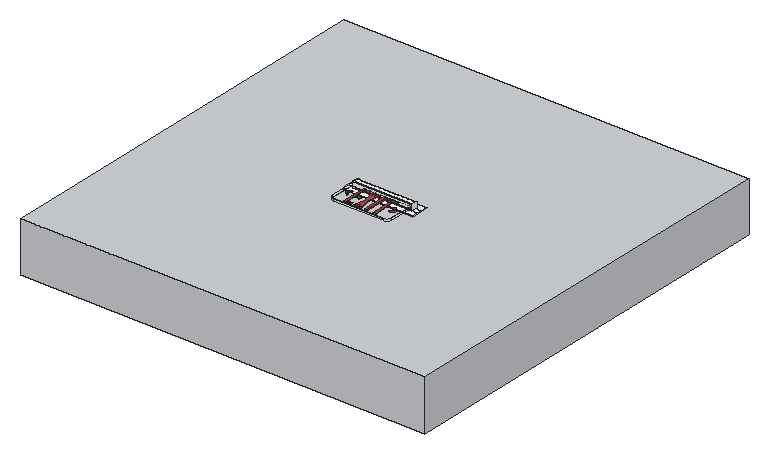
Revit family "LE_W", category Lighting Fixtures, host Face, Revit 2021
Family settings
  Host = Face
  Round Connector Dimension = Use Diameter
  Part Type = Normal
  OmniClass Number = 23.80.70.11.21
  OmniClass Title = Emergency Lighting
  Cut with Voids When Loaded = No
  Light Source = Yes
  Shared = No
  Room Calculation Point = No
Parameters (values of type "LE-W")
  Wattage Comments = "2.2-5 W"
  Wattage = 5 W
  built-in parameter 1150110 = 1 (stored number, unit not read)
  URL = "https://www.currentlighting.com/lifeshield"
  built-in parameter 1114217 = 1 (stored number, unit not read)
  built-in parameter 1150109 = 1 (stored number, unit not read)
  built-in parameter 1150134 = 3
  built-in parameter 1150113 = 1 (stored number, unit not read)
  Product Page URL = ""
  Product Documentation Link = ""
  Mounting = "Wall Mount"  # constant formula
  Model = "LE"  # constant formula
  Manufacturer Phone = ""
  Manufacturer Fax = ""
  Manufacturer = "Lifeshield"  # constant formula
  built-in parameter 1150105 = 59.103 (stored number, unit not read)
  Lumens = 742.71 lm
  built-in parameter 1150115 = 1 (stored number, unit not read)
  Light Source Symbol Size = 0.250"
  built-in parameter 1150137 = (empty or 0)
  built-in parameter 1150139 = (empty or 0)
  Lettering = Red
  built-in parameter 1150112 = 1 (stored number, unit not read)
  built-in parameter 1150114 = 1 (stored number, unit not read)
  Lamp = "LED"  # constant formula
  built-in parameter 1150132 = (empty or 0)
  built-in parameter 1150102 = (empty or 0)
  built-in parameter 1150107 = 3200 (stored number, unit not read)
  built-in parameter 1150138 = (empty or 0)
  built-in parameter 1150106 = 0.59103 (stored number, unit not read)
  Glass = Glass
  Family = "Outdoor Emergency Lighting"  # constant formula
  Emit from Line Length = 13.000"
  built-in parameter 1150104 = 13.8 (stored number, unit not read)
  Dimming Lamp Color Temperature Shift = <None>
  Description = "Recessed Mounting Architectural Edge-Lit LED Exit Signs"  # constant formula
  Default Elevation = 48.000"
  Color Filter = 16777215
  built-in parameter 1114218 = 1 (stored number, unit not read)
  Backbox = White
  built-in parameter 1150133 = 10 (stored number, unit not read)
Reference planes (in)
  plane 1 "Center (Front/Back)": y = 0.03999
  plane 2: z = 0.06357
  plane 3 "Center (Left/Right)": x = 0
  plane 4: through (0, 4.17275, 0.82335) normal (0, -0.4384, 0.8988)
  plane 5: x = -8.375
  plane 6: y = 2.03999
  plane 7: x = 8.375
  plane 8: y = -1.96001
  plane 9: z = 7.56357
  plane 10: x = -7
  plane 11: x = 7
  plane 12: y = 0.78999
  plane 13: z = 1.61669
  plane 14: z = 0.24169
  plane 15: y = -3.96711
  plane 16: y = -3.96711
  plane 17: y = -0.71001
  plane 18: z = 1.27413
  plane 19: z = 0.92919
Forms (in)
  Extrusion 1, solid
    sketch origin (0, 0, 0.06357) x (1, 0, 0) y (0, 1, 0)
      loop
        line (-48, 48) -> (-48, -48) -> (48, -48) -> (48, 48) -> (-48, 48)
    from 0 to -12
  Extrusion 2, solid, material "White" <- "Backbox"
    sketch origin (0, 0.09709, 1.38993) x (0, 1, 0) y (0, 0, 1)
      loop
        line (0.4929, 0.22676) -> (-0.6071, 0.22676)
        arc (-0.6071, 0.22676) -> (-0.74852, 0.16818) -> (-0.8071, 0.02676) r 0.2
        line (-0.8071, 0.02676) -> (-0.8071, -0.94824)
        arc (-0.8071, -0.94824) -> (-0.74852, -1.08966) -> (-0.6071, -1.14824) r 0.2
        line (-0.6071, -1.14824) -> (0.4929, -1.14824)
        arc (0.4929, -1.14824) -> (0.63433, -1.08966) -> (0.6929, -0.94824) r 0.2
        line (0.6929, -0.94824) -> (0.6929, 0.02676)
        arc (0.6929, 0.02676) -> (0.63433, 0.16818) -> (0.4929, 0.22676) r 0.2
    from -7 to 7
  Extrusion 3, solid, material "Glass" <- "Glass"
    sketch origin (0, -7.86201, 0.92919) x (0, -1, 0) y (1, 0, 0)
      loop
        line (-7.152, -7) -> (-1.37754, -7)
        arc (-1.37754, -7) -> (-0.59556, -6.67609) -> (-0.27165, -5.89411) r 1.10589
        arc (-0.27165, -5.89411) -> (-0.04018, 0) -> (-0.27165, 5.89411) r 75.15963
        arc (-0.27165, 5.89411) -> (-0.59556, 6.67609) -> (-1.37754, 7) r 1.10589
        line (-1.37754, 7) -> (-7.152, 7) -> (-7.152, -7)
    from 0.25 to -0.25
  Extrusion 4, solid, material "Red" <- "Lettering"
    sketch origin (0.81146, 0.77509, 0.90416) x (0, 1, 0) y (-1, 0, 0)
      loop
        line (-7.32353, 4.26086) -> (-5.24161, 4.26086) -> (-5.24161, 3.07884) -> (-4.92704, 3.07884) -> (-4.61247, 3.07884) -> (-4.61247, 4.26086) -> (-2.53056, 4.26086) -> (-2.53056, 3.07884) -> (-2.03056, 3.07884) -> (-2.03056, 4.76086) -> (-4.92704, 4.76086) -> (-7.82353, 4.76086) -> (-7.82353, 3.07884) -> (-7.32353, 3.07884) -> (-7.32353, 4.26086)
      loop
        line (-7.82243, 2.47814) -> (-7.82243, 1.82285) -> (-7.03104, 1.53481) -> (-7.82243, 1.24677) -> (-7.82243, 0.59148) -> (-4.92704, 1.25993) -> (-2.03165, 0.59148) -> (-2.03165, 1.24677) -> (-2.82304, 1.53481) -> (-2.03165, 1.82285) -> (-2.03165, 2.47814) -> (-4.92704, 1.80969) -> (-7.82243, 2.47814)
      loop
        line (-7.82353, -0.17116) -> (-7.82353, -0.771) -> (-2.03165, -0.771) -> (-2.03165, -0.17116) -> (-7.82353, -0.17116)
      loop
        line (-2.68694, -3.61882) -> (-2.03165, -3.61882) -> (-2.03165, -1.36882) -> (-2.68694, -1.36882) -> (-2.68694, -2.15022) -> (-7.82353, -2.15022) -> (-7.82353, -2.75006) -> (-2.68694, -2.75006) -> (-2.68694, -3.61882)
    from 0.36997 to 0.27503
  Extrusion 5, solid, material "Red"
    sketch origin (-0.22623, -0.94342, 0.98414) x (0, -1, 0) y (1, 0, 0)
      loop
        line (3.79907, -4.97072) -> (3.79907, -4.58478) -> (3.02369, -5.36016) -> (2.24831, -4.58478) -> (2.24831, -4.97072) -> (3.02369, -5.7461) -> (3.79907, -4.97072)
      loop
        line (3.79907, 5.42318) -> (3.02369, 6.19856) -> (2.24831, 5.42318) -> (2.24831, 5.03724) -> (3.02369, 5.81262) -> (3.79907, 5.03724) -> (3.79907, 5.42318)
    from 0.28999 to 0.19505
  Extrusion 6, solid, material "White" <- "Backbox"
    sketch origin (0, 0, 7.62714) x (0, 1, 0) y (0, 0, 1)
      loop
        line (2.03999, -7.56357) -> (2.03999, -7.47461)
        arc (2.03999, -7.47461) -> (1.29749, -7.42897) -> (0.55618, -7.36686) r 33.54002
        arc (0.55618, -7.36686) -> (0.02184, -7.35387) -> (-0.51242, -7.37006) r 9.79246
        arc (-0.51242, -7.37006) -> (-1.23565, -7.43011) -> (-1.96001, -7.47449) r 33.54002
        line (-1.96001, -7.47449) -> (-1.96001, -7.56357) -> (2.03999, -7.56357)
    from -8.375 to 8.375
Dimensions and locks (in)
  locked: plane 5 to plane 3 "Center (Left/Right)" at 8.375
  locked: plane 7 to plane 3 "Center (Left/Right)" at 8.375
  locked: plane 6 to plane 1 "Center (Front/Back)" at 2
  locked: plane 8 to plane 1 "Center (Front/Back)" at 2
  locked: plane 9 to level at 7.5
  plane 5 to plane 10 to plane 3 "Center (Left/Right)" = 1.375", 7.000"
  plane 7 to plane 11 to plane 3 "Center (Left/Right)" = 1.375", 7.000"
  plane 1 "Center (Front/Back)" to plane 12 to plane 6 = 0.750", 1.250"
  plane 1 "Center (Front/Back)" to plane 8 = 2.000"
  plane 1 "Center (Front/Back)" to plane 12 to plane 6 = 0.750" locked, 1.250" locked
  locked: plane 13 to plane 14 at 1.375
  Extrusion 3 to plane 19 = 0.250"
  aligned and locked: plane 2 to Extrusion 1
  aligned and locked: Extrusion 2 to plane 10
  aligned and locked: Extrusion 2 to plane 11
  aligned and locked: Extrusion 4 sketch curve to Extrusion 4 sketch curve
  aligned and locked: Extrusion 5 sketch curve to plane 15  (x4)
  aligned and locked: plane 16 to Extrusion 5 sketch curve  (x4)
  aligned and locked: Extrusion 6 to level
  aligned and locked: level to plane 2
  aligned and locked: plane 14 to Extrusion 2
  aligned and locked: plane 13 to Extrusion 2
  aligned and locked: plane 17 to Extrusion 2
  aligned and locked: imposter light to Extrusion 2
  aligned and locked: Extrusion 3 to Extrusion 2
  aligned and locked: Extrusion 5 to Extrusion 3
  aligned and locked: Extrusion 4 to Extrusion 5
  aligned and locked: Extrusion 4 to Extrusion 3
  aligned and locked: Extrusion 3 to Extrusion 5
Connectors (in)
  electrical at (0, 0, 0.06357), driven by "Description"
    settings: index 1, voltage 0 V, apparent load 0 VA, apparent load phase1 0 VA, apparent load phase2 0 VA, apparent load phase3 0 VA, power factor 1, load classification "Other", number of poles 1, system type 30, power factor state 1, is connector primary yes, connector utility no, sub classification motor no, connector description "Recessed Mounting Architectural Edge-Lit LED Exit Signs"
